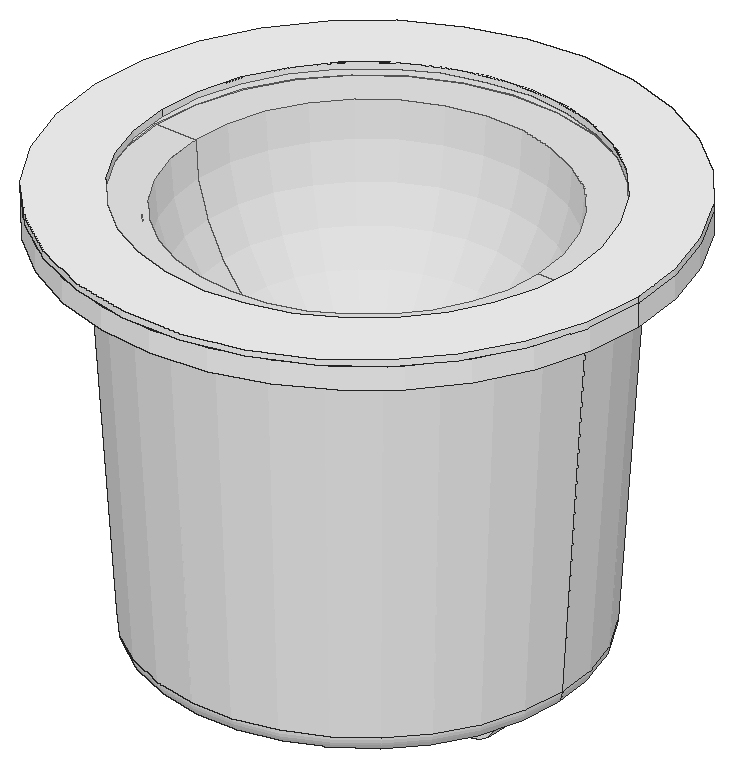
Revit family "2058904", category Lighting Fixtures, host Face, Revit 2018
Family settings
  Host = Face
  Round Connector Dimension = Use Diameter
  Part Type = Normal
  OmniClass Number = 23.80.70.11.17
  OmniClass Title = Specialized Lighting by Location or Use
  Cut with Voids When Loaded = No
  Light Source = Yes
  Shared = No
  Room Calculation Point = No
Parameters (values of type "2058904 MYRIAD DECO IP65 SP 2.7K PHD SI CBEZ")
  Weight = "n/a"
  Wattage = 15 W
  WarrantyStartDate [instance] = "n/a"
  WarrantyGuarantorParts = "n/a"
  WarrantyDurationUnit = "n/a"
  WarrantyDurationParts = ""
  WarrantyDescription = "http://www.sylvania-lighting.com"
  built-in parameter 1150110 = 1 (stored number, unit not read)
  Voltage = 230 V
  URL = "0"
  TypeName = "MYRIAD DECO IP65 SPOT 2700K PHDM SILVER CBEZ"
  Type Image = 0
  Type Comments = ""
  built-in parameter 1114217 = 1 (stored number, unit not read)
  Tilt Angle = -90°
  built-in parameter 1150109 = 1 (stored number, unit not read)
  built-in parameter 1150134 = (empty or 0)
  built-in parameter 1150113 = 1 (stored number, unit not read)
  SerialNumber [instance] = "n/a"
  Reflector Radius = Cutout Diameter / 2 - 2.5 mm  # 35.0 mm
  Reflector Material = Aluminum_Sylvania_Myriad_Bright
  Recessed Depth = Height  # 72.0 mm
  PowerFactor = 0
  PowerConsumption = "Lighting"
  Photometric Web File = "2058904.ies"
  NominalWidth = 0.0 mm
  NominalLength = 76.0 mm
  NominalHeight = 72.0 mm
  Name = "MYRIAD DECO IP65 SPOT 2700K PHDM SILVER CBEZ"
  ModelReference = "MYRIAD DECO IP65 SPOT 2700K PHDM SILVER CBEZ"
  ModelNumber = "2058904"
  Material = "Feilo Sylvania"
  ManufacturerName = "124 lm/W"
  LuminousEfficacy = ""
  LuminaireType = "0"
  LightOutputRatio = "LED"
  LampsType = Lamp  # "n/a"
  LampNominalLuminous = "2700 K"
  LampMacAdamStep = "85"
  LampColourTemperature = "LED"
  LampColourRenderingIndex = "16500"
  Keynote = "n/a"
  Keynote_2 = "16500"
  InstallationDate [instance] = "n/a"
  InputVoltage = "0"
  InputNominalFrequency = "2700"
  IngressProtection = "IfcLightFixtureType"
  ImpactProtectionIndex = "IfcLightFixtureType"
  IfcExportType = "IfcLightFixtureType"
  IfcExportAs = "Class II"
  Height = 72.0 mm  # constant formula
  ExpectedLife = 50000
  Emit from Circle Diameter = Accessory Inner Diameter 2  # 68.0 mm
  Emit Shape Visible in Rendering = no
  ElectricShockClassification = "124"
  DurationUnit = "hours"
  DocumentationLiterature = "http://www.sylvania-lighting.com/product/en-int/products/2058904"
  DimmingControlOptions = "n/a"
  Diffuser Material = Glass_Sylvania_Myriad_Clear_4000K
  Diffuser Diameter = Cutout Diameter  # 75.0 mm
  Cutout Diameter = 75.0 mm  # constant formula
  CreatedOn = "03/02/2022"
  CreatedBy = "@sylvania-lighting.com"
  Cost = 0
  built-in parameter 1114216 [instance] = 1 (stored number, unit not read)
  Model = "MYRIAD DECO IP65 SPOT 2700K PHDM SILVER CBEZ"
  Manufacturer = "Feilo Sylvania"  # constant formula
  built-in parameter 1150105 = 83.556 (stored number, unit not read)
  Lumens = 1050 lm
  built-in parameter 1150115 = 1 (stored number, unit not read)
  built-in parameter 1150137 = (empty or 0)
  built-in parameter 1150139 = (empty or 0)
  built-in parameter 1150112 = 1 (stored number, unit not read)
  built-in parameter 1150114 = 1 (stored number, unit not read)
  Lamp = "n/a"
  built-in parameter 1150132 = (empty or 0)
  built-in parameter 1150102 = (empty or 0)
  built-in parameter 1150107 = 2700 (stored number, unit not read)
  built-in parameter 1150138 = (empty or 0)
  built-in parameter 1150106 = 0.83556 (stored number, unit not read)
  built-in parameter 1150104 = 6.5032 (stored number, unit not read)
  Dimming Lamp Color Temperature Shift = <None>
  Description = "Supplied complete with electronic control gear Compact Fluorescent low energy downlight Emergency version passes through the cut out Ideal for low level orientation lighting New range of Architectural accessories each providing a different lit dimension New completely flush plaster up accessory ring for clean ceiling lines and smooth finish Order lamp separately"  # constant formula
  Default Elevation = 0.0 mm
  Color Filter = 16777215
  built-in parameter 1140040 [instance] = 1
  Body Radius = Reflector Radius + 1.5 mm  # 36.5 mm
  Body Material = Aluminum_Sylvania_Myriad_Gray
  BarCode [instance] = "n/a"
  built-in parameter 1114218 = 1 (stored number, unit not read)
  built-in parameter 1150133 = 10 (stored number, unit not read)
  AssetType = "Fixed"
  AssetIdentifier [instance] = "n/a"
  Assembly Code = "D5020200"
  Apparent Load = 10 VA
  Accessory Material = Aluminum_Sylvania_Myriad_White
  Accessory Inner Diameter 2 = Accessory Diameter - 22.0 mm  # 68.0 mm
  Accessory Inner Diameter 1 = Accessory Diameter - 2.0 mm  # 88.0 mm
  Accessory Diameter = Cutout Diameter + 15.0 mm  # 90.0 mm
Reference planes
  plane 1 "Center (Front/Back)": y = 0
  plane 2: z = 0
  plane 3 "Center (Left/Right)": x = 0
  plane 4: z = 2
  plane 5 "Fixture Bottom": z = 4.5
  plane 6: z = -28.5
  plane 7: z = -61.5
  plane 8 "Fixture Top": z = -67.5
  plane 9: z = 3.5
Forms (mm)
  Revolve 1, solid, material "Aluminum_Sylvania_Myriad_Bright" <- "Reflector Material", detail levels fine
    sketch origin (0, 0, 0) x (1, 0, 0) y (0, 0, 1)
      loop
        line (0, -27.515) -> (-6, -27.515)
        arc (-6, -27.515) -> (-22.333, -16.632) -> (-28.5, 2) r 30.135
        line (-28.5, 2) -> (-35, 2) -> (-35, 0) -> (-29.184, 0)
        arc (-29.184, 0) -> (-22.423, -18.18) -> (-6, -28.5) r 30.204
        line (-6, -28.5) -> (0, -28.5) -> (0, -27.515)
      axis (0, -28.5) -> (0, 2)
    angle from 0 to 360
  Revolve 2, solid, material "Aluminum_Sylvania_Myriad_Gray" <- "Body Material", detail levels fine
    sketch origin (0, 0, 0) x (1, 0, 0) y (0, 0, 1)
      loop
        line (-44, 2) -> (-44, 0) -> (-36.5, 0) -> (-32.42, -58.708)
        arc (-32.42, -58.708) -> (-31.474, -60.694) -> (-29.428, -61.5) r 3
        line (-29.428, -61.5) -> (0, -61.5) -> (0, -28.5) -> (-6, -28.5)
        arc (-6, -28.5) -> (-22.423, -18.18) -> (-29.184, 0) r 30.204
        line (-29.184, 0) -> (-35, 0) -> (-35, 2) -> (-44, 2)
      axis (0, 2) -> (0, -61.5)
    angle from 0 to 360
  Extrusion 3, solid, material "Aluminum_Sylvania_Myriad_Gray" <- "Body Material", detail levels fine
    sketch origin (0, 0, 0) x (1, 0, 0) y (0, 0, 1)
      loop
        line (-13.5, -67.5) -> (21, -67.5)
        arc (21, -67.5) -> (23.828, -66.328) -> (25, -63.5) r 4
        line (25, -63.5) -> (25, -61.5) -> (-17.5, -61.5) -> (-17.5, -63.5)
        arc (-17.5, -63.5) -> (-16.328, -66.328) -> (-13.5, -67.5) r 4
    from -4.5 to 4.5
  Extrusion 4, solid, material "Aluminum_Sylvania_Myriad_White" <- "Accessory Material", detail levels fine
    sketch origin (0, 0, 0) x (1, 0, 0) y (0, 1, 0)
      loop
        circle (0, 0) r 45
      loop
        circle (0, 0) r 44
    from 0 to 3.5
  Extrusion 5, solid, material "Aluminum_Sylvania_Myriad_White" <- "Accessory Material", detail levels fine
    sketch origin (0, 0, 0) x (1, 0, 0) y (0, 1, 0)
      loop
        circle (0, 0) r 45
      loop
        circle (0, 0) r 34
    from 3.5 to 4.5
  Extrusion 6, solid, material "Aluminum_Sylvania_Myriad_White" <- "Accessory Material", detail levels coarse+medium
    sketch origin (0, 0, 0) x (1, 0, 0) y (0, 1, 0)
      loop
        circle (0, 0) r 45
    from 0 to 4.5
  Revolve 7, solid, detail levels coarse+medium
    sketch origin (0, 0, 0) x (1, 0, 0) y (0, 0, 1)
      loop
        line (36.5, 0) -> (0, 0) -> (0, -61.5) -> (32.226, -61.5) -> (36.5, 0)
      axis (0, 0) -> (0, -61.5)
    angle from 0 to 360
  Extrusion 8, void
    sketch origin (0, 0, 0) x (1, 0, 0) y (0, 1, 0)
      loop
        circle (0, 0) r 37.5
    from -67.5 to 0
  Extrusion 9, solid, material "Glass_Sylvania_Myriad_Clear_4000K" <- "Diffuser Material", detail levels fine
    sketch origin (0, 0, 0) x (1, 0, 0) y (0, 1, 0)
      loop
        circle (0, 0) r 37.5
    from 2 to 3.5
Cuts and joins
  joined: Extrusion 4, Extrusion 5
Lines and regions (mm)
  Masking region 1
    outline origin (0, 0, 0) x (1, 0, 0) y (0, 1, 0)
      loop
        circle (0, 0) r 45
  symbolic lines
    curve 1: arc (-34, 0, 0) -> (0, 34, 0) -> (34, 0, 0) r 34
    curve 2: arc (34, 0, 0) -> (0, -34, 0) -> (-34, 0, 0) r 34
Dimensions and locks
  locked: plane 7 to plane 8 "Fixture Top" at 6
  "Body Radius": Revolve 7 sketch curve to plane 3 "Center (Left/Right)"
  locked: Revolve 7 sketch curve to Revolve 7 sketch curve at 4.274
  plane 5 "Fixture Bottom" to plane 9 to plane 4 to plane 2 to plane 6 = 1.0 mm locked, 1.5 mm locked, 2.0 mm locked, 28.5 mm locked
  "Reflector Radius": Revolve 1 sketch curve to plane 3 "Center (Left/Right)"
  Revolve 1 sketch curve to Revolve 1 sketch curve to Revolve 1 sketch curve to Revolve 1 sketch curve = 6.5 mm locked, 22.5 mm locked, 0.0 mm locked
  "Reflector Radius": plane 3 "Center (Left/Right)" to Revolve 2 sketch curve
  Revolve 2 sketch curve to Revolve 2 sketch curve to Revolve 2 sketch curve = 7.5 mm locked, 1.5 mm locked
  Revolve 2 sketch curve to Revolve 2 sketch curve to Revolve 2 sketch curve = 5.816 mm locked, 23.184 mm locked
  Revolve 2 sketch curve to Revolve 2 sketch curve to Revolve 2 sketch curve = 2.58 mm locked, 2.993 mm locked
  "Accessory Diameter": diameter of Extrusion 4 sketch curve
  "Accessory Inner Diameter 1": diameter of Extrusion 4 sketch curve
  "Accessory Diameter": diameter of Extrusion 5 sketch curve
  "Accessory Diameter": diameter of Extrusion 6 sketch curve
  "Cutout Diameter": diameter of Extrusion 8 sketch curve
  "Accessory Inner Diameter 2": diameter of Extrusion 5 sketch curve
  "Diffuser Diameter": diameter of Extrusion 9 sketch curve
  aligned and locked: plane 2 to host face
  aligned and locked: level to host face
  aligned and locked: plane 1 "Center (Front/Back)" to imposter light
  aligned and locked: plane 3 "Center (Left/Right)" to imposter light
  aligned and locked: Revolve 1 sketch curve to imposter light
  aligned and locked: Extrusion 3 sketch curve to plane 8 "Fixture Top"
  aligned and locked: plane 7 to Extrusion 3 sketch curve
  aligned and locked: Extrusion 4 to plane 2
  aligned and locked: plane 9 to Extrusion 4
  aligned and locked: Extrusion 5 to plane 9
  aligned and locked: plane 5 "Fixture Bottom" to Extrusion 5
  aligned and locked: Extrusion 6 to plane 2
  aligned and locked: plane 5 "Fixture Bottom" to Extrusion 6
  aligned and locked: Extrusion 8 to plane 8 "Fixture Top"
  aligned and locked: plane 2 to Extrusion 8
  aligned and locked: Masking region 1 sketch curve to Extrusion 6  (x2)
  aligned and locked: Extrusion 9 to plane 4
  aligned and locked: plane 9 to Extrusion 9
  aligned and locked: plane 4 to Revolve 2 sketch curve
  aligned and locked: Revolve 2 sketch curve to plane 2
  aligned and locked: curve 1 to cut or joined group of Extrusion 4, Extrusion 5
  aligned and locked: curve 2 to cut or joined group of Extrusion 4, Extrusion 5
  aligned and locked: imposter light to plane 5 "Fixture Bottom"
Automatic sketch dimensions
  host sketch curve to host sketch curve = 1305.563 mm
  host sketch curve to host sketch curve = 1283.632 mm
  Extrusion 3 sketch curve to plane 7 = 2.0 mm
  Extrusion 3 sketch curve to plane 3 "Center (Left/Right)" = 13.5 mm
  plane 3 "Center (Left/Right)" to Extrusion 3 sketch curve = 21.0 mm
  Extrusion 3 sketch curve to Extrusion 3 sketch curve = 4.0 mm
  Revolve 1 sketch curve to level = 0.0 mm
  Revolve 1 sketch curve to plane 3 "Center (Left/Right)" = 0.0 mm
  Revolve 1 sketch curve to plane 6 = 0.0 mm
  Revolve 1 sketch curve to plane 4 = 0.0 mm
  Revolve 1 sketch curve to Revolve 1 sketch curve = 0.684 mm
  level to Revolve 1 sketch curve = 0.88 mm
  Revolve 1 sketch curve to plane 4 = 0.363 mm
  Revolve 1 sketch curve to Revolve 1 sketch curve = 0.625 mm
  Revolve 1 sketch curve to plane 8 "Fixture Top" = 232.8 mm
  plane 5 "Fixture Bottom" to Revolve 1 sketch curve = 291.243 mm
  Revolve 2 sketch curve to plane 3 "Center (Left/Right)" = 0.0 mm  (x2)
  Revolve 2 sketch curve to plane 7 = 0.0 mm
  Revolve 2 sketch curve to plane 6 = 0.0 mm
  Revolve 2 sketch curve to level = 0.0 mm
  level to Revolve 2 sketch curve = 0.88 mm
  plane 7 to Revolve 2 sketch curve = 2.792 mm
  Revolve 2 sketch curve to plane 8 "Fixture Top" = 304.774 mm
  plane 5 "Fixture Bottom" to Revolve 2 sketch curve = 1137.105 mm
  Extrusion 4 sketch curve to Extrusion 4 sketch curve = 0.0 mm  (x2)
  plane 1 "Center (Front/Back)" to Extrusion 4 sketch curve = 0.0 mm
  Extrusion 4 sketch curve to plane 3 "Center (Left/Right)" = 0.0 mm
  Extrusion 5 sketch curve to Extrusion 5 sketch curve = 0.0 mm  (x2)
  plane 1 "Center (Front/Back)" to Extrusion 5 sketch curve = 0.0 mm
  Extrusion 5 sketch curve to plane 3 "Center (Left/Right)" = 0.0 mm
  plane 1 "Center (Front/Back)" to Extrusion 6 sketch curve = 0.0 mm
  Extrusion 6 sketch curve to plane 3 "Center (Left/Right)" = 0.0 mm
  Revolve 7 sketch curve to level = 0.0 mm
  Revolve 7 sketch curve to plane 3 "Center (Left/Right)" = 0.0 mm  (x2)
  Revolve 7 sketch curve to plane 7 = 0.0 mm
  Revolve 7 sketch curve to plane 8 "Fixture Top" = 304.774 mm
  plane 5 "Fixture Bottom" to Revolve 7 sketch curve = 43.226 mm
  plane 1 "Center (Front/Back)" to Extrusion 8 sketch curve = 0.0 mm
  Extrusion 8 sketch curve to plane 3 "Center (Left/Right)" = 0.0 mm
  plane 1 "Center (Front/Back)" to Extrusion 9 sketch curve = 0.0 mm
  Extrusion 9 sketch curve to plane 3 "Center (Left/Right)" = 0.0 mm
Connectors
  electrical at (-0.006, -0.019, -67.5), driven by "Apparent Load", driven by "Apparent Load"
    settings: on plane 8 "Fixture Top", index 1, voltage 230 V, apparent load 10 VA, apparent load phase1 10 VA, apparent load phase2 0 VA, apparent load phase3 0 VA, power factor 1, load classification "Lighting", number of poles 1, system type 30, power factor state 1, is connector primary yes, connector utility no, sub classification motor no, connector description ""
